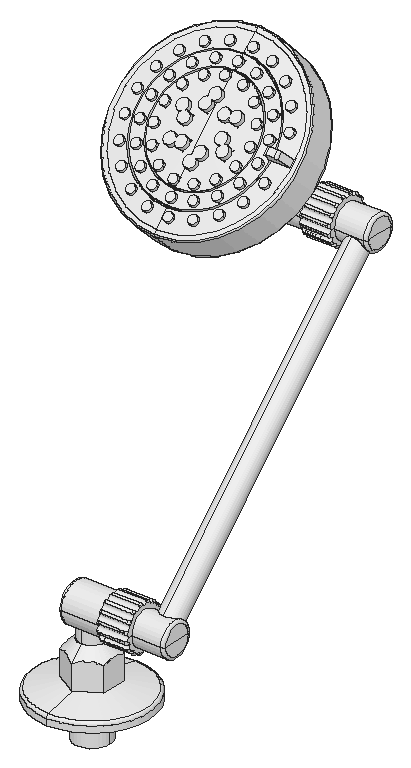
Revit family "Shower-Outlet-Caroma Series A-Adjustable", category Plumbing Fixtures, host Face, Revit 2014
Parameters (values of type "Standard")
  Width_ANZRS = 289 mm  # constant formula
  Waste Connection = no
  WELSRating_ANZRS = "WELS 3 Star rated, 9L/min"  # constant formula
  Vent Connection = no
  URL = "http://specify.caroma.com.au/products/showers/series-a/series-a-adjustable-wall-shower"
  Type Comments = "Caroma Series A Adjustable Wall Shower"  # constant formula
  Pressure Drop = 0.00 psi
  ModifiedIssue_ANZRS = 20150112.01  # constant formula
  Model = "97415C3A"  # constant formula
  Material_ANZRS = Metal-Chrome-Caroma
  Manufacturer = "GWA Bathrooms & Kitchens"  # constant formula
  Length_ANZRS = 105 mm  # constant formula
  Height_ANZRS = 185 mm  # constant formula
  HWFU = 2.37  # constant formula
  HW Connection = yes
  Description = "Three spray options, Patented Stayfast® shower arm lock to prevent drooping"  # constant formula
  Default Elevation = 1800 mm
  CreatedBy_ANZRS = "Design Content"  # constant formula
  CreatedByURL_ANZRS = "http://www.designcontent.com.au"
  Cost = 0
  Connector Radius = 10 mm
  CWFU = 2.37  # constant formula
  CW Connection = yes
  Assembly Code = "D2010710"
Reference planes
  plane 1 "Center (Front/Back)": y = 0
  plane 2: z = 0
  plane 3 "Center (Left/Right)": x = 0
  plane 4 "Head": y = 0
Forms (mm)
  Extrusion 1, solid, material "Metal-Chrome-Caroma" <- "Material_ANZRS"
    sketch origin (50, 0, 0) x (1, 0, 0) y (0, 1, 0)
      loop
        circle (-50, 0) r 10
    from -20 to 0
  Revolve 2, solid, material "Metal-Chrome-Caroma" <- "Material_ANZRS"
    sketch origin (0, -400, 0) x (0, 1, 0) y (0, 0, 1)
      loop
        line (400, 0) -> (431.981, 0) -> (431.981, 3.581)
        arc (431.981, 3.581) -> (431.607, 4.744) -> (430.625, 5.471) r 1.994
        arc (430.625, 5.471) -> (418.959, 8.644) -> (406.998, 10.396) r 100.701
        line (406.998, 10.396) -> (406.998, 46) -> (400, 46) -> (400, 0)
      axis (400, 0) -> (400, 46)
    angle from 0 to 360
  Revolve 3, solid, material "Metal-Chrome-Caroma" <- "Material_ANZRS"
    sketch origin (0, -400, 0) x (0, 1, 0) y (0, 0, 1)
      loop
        line (414.328, 10) -> (414.328, 23.67) -> (407.437, 30.561) -> (400, 30.561) -> (400, 10) -> (414.328, 10)
      axis (400, 10) -> (400, 30.561)
    angle from 0 to 360
  Extrusion 4, void
    sketch origin (0, -400, 0) x (1, 0, 0) y (0, 1, 0)
      loop
        line (0, 414.328) -> (-12.409, 407.164) -> (-12.409, 392.836) -> (0, 385.672) -> (12.409, 392.836) -> (12.409, 407.164) -> (0, 414.328)
      loop
        circle (0, 400) r 17.761
    from 0 to 36.567
  Revolve 5, solid, material "Metal-Chrome-Caroma" <- "Material_ANZRS"
    sketch origin (0, -400, 46) x (1, 0, 0) y (0, 1, 0)
      loop
        line (-9.945, 400) -> (-9.945, 390.428)
        arc (-9.945, 390.428) -> (-9.505, 389.368) -> (-8.445, 388.928) r 1.5
        line (-8.445, 388.928) -> (12.727, 388.928) -> (12.727, 390.554) -> (46.58, 390.554)
        arc (46.58, 390.554) -> (47.64, 390.993) -> (48.08, 392.054) r 1.5
        line (48.08, 392.054) -> (48.08, 400) -> (-9.945, 400)
      axis (-9.945, 400) -> (48.08, 400)
    angle from 0 to 360
  Revolve 6, solid, material "Metal-Chrome-Caroma" <- "Material_ANZRS"
    sketch origin (0, -400, 46) x (1, 0, 0) y (0, 1, 0)
      loop
        line (12.727, 400) -> (29.78, 400) -> (29.78, 412)
        arc (29.78, 412) -> (29.487, 412.707) -> (28.78, 413) r 1
        line (28.78, 413) -> (13.727, 413)
        arc (13.727, 413) -> (13.02, 412.707) -> (12.727, 412) r 1
        line (12.727, 412) -> (12.727, 400)
      axis (12.727, 400) -> (29.78, 400)
    angle from 0 to 360
  Extrusion 7, void
    sketch origin (0, -400, 0) x (0, 1, 0) y (0, 0, 1)
      loop
        circle (400, 59.1) r 1.8
      loop
        circle (400, 32.9) r 1.8
      loop
        circle (386.9, 46) r 1.8
      loop
        circle (413.1, 46) r 1.8
      loop
        circle (394.987, 58.103) r 1.8
      loop
        circle (405.013, 33.897) r 1.8
      loop
        circle (387.897, 40.987) r 1.8
      loop
        circle (412.103, 51.013) r 1.8
      loop
        circle (390.737, 55.263) r 1.8
      loop
        circle (409.263, 36.737) r 1.8
      loop
        circle (390.737, 36.737) r 1.8
      loop
        circle (409.263, 55.263) r 1.8
      loop
        circle (387.897, 51.013) r 1.8
      loop
        circle (412.103, 40.987) r 1.8
      loop
        circle (394.987, 33.897) r 1.8
      loop
        circle (405.013, 58.103) r 1.8
    from 0 to 51.351
  Revolve 8, solid, material "Metal-Chrome-Caroma" <- "Material_ANZRS"
    sketch origin (0, -256.457, 189.543) x (1, 0, 0) y (0, 1, 0)
      loop
        line (-8.373, 400) -> (-8.373, 390.5)
        arc (-8.373, 390.5) -> (-7.934, 389.439) -> (-6.873, 389) r 1.5
        line (-6.873, 389) -> (12.727, 389) -> (12.727, 390.554) -> (46.58, 390.554)
        arc (46.58, 390.554) -> (47.64, 390.993) -> (48.08, 392.054) r 1.5
        line (48.08, 392.054) -> (48.08, 400) -> (-8.373, 400)
      axis (-8.373, 400) -> (48.08, 400)
    angle from 0 to 360
  Revolve 9, solid, material "Metal-Chrome-Caroma" <- "Material_ANZRS"
    sketch origin (0, -256.457, 189.543) x (1, 0, 0) y (0, 1, 0)
      loop
        line (12.727, 400) -> (29.78, 400) -> (29.78, 412)
        arc (29.78, 412) -> (29.487, 412.707) -> (28.78, 413) r 1
        line (28.78, 413) -> (13.727, 413)
        arc (13.727, 413) -> (13.02, 412.707) -> (12.727, 412) r 1
        line (12.727, 412) -> (12.727, 400)
      axis (12.727, 400) -> (29.78, 400)
    angle from 0 to 360
  Extrusion 10, void
    sketch origin (0, -256.457, 143.543) x (0, 1, 0) y (0, 0, 1)
      loop
        circle (400, 59.1) r 1.8
      loop
        circle (400, 32.9) r 1.8
      loop
        circle (386.9, 46) r 1.8
      loop
        circle (413.1, 46) r 1.8
      loop
        circle (394.987, 58.103) r 1.8
      loop
        circle (405.013, 33.897) r 1.8
      loop
        circle (387.897, 40.987) r 1.8
      loop
        circle (412.103, 51.013) r 1.8
      loop
        circle (390.737, 55.263) r 1.8
      loop
        circle (409.263, 36.737) r 1.8
      loop
        circle (390.737, 36.737) r 1.8
      loop
        circle (409.263, 55.263) r 1.8
      loop
        circle (387.897, 51.013) r 1.8
      loop
        circle (412.103, 40.987) r 1.8
      loop
        circle (394.987, 33.897) r 1.8
      loop
        circle (405.013, 58.103) r 1.8
    from 0 to 51.351
  Revolve 11, solid, material "Metal-Chrome-Caroma" <- "Material_ANZRS"
    sketch origin (40, -400, 0) x (0, 1, 0) y (0, 0, 1)
      loop
        line (400, 46) -> (543.543, 189.543) -> (539.053, 194.033) -> (395.51, 50.49) -> (400, 46)
      axis (543.543, 189.543) -> (400, 46)
    angle from 0 to 360
  Revolve 12, solid, material "Metal-Chrome-Caroma" <- "Material_ANZRS"
    sketch origin (0, -400, 0) x (0, 1, 0) y (0, 0, 1)
      loop
        line (543.543, 189.543) -> (548.467, 194.467) -> (536.569, 206.364)
        arc (536.569, 206.364) -> (536.279, 206.867) -> (536.279, 207.449) r 1.123
        line (536.279, 207.449) -> (537.149, 210.698) -> (537.704, 211.252)
        arc (537.704, 211.252) -> (537.851, 211.608) -> (537.704, 211.964) r 0.503
        line (537.704, 211.964) -> (528.654, 221.014)
        arc (528.654, 221.014) -> (528.123, 221.279) -> (527.54, 221.171) r 0.934
        line (527.54, 221.171) -> (525.847, 220.232) -> (524.839, 221.24)
        arc (524.839, 221.24) -> (524.755, 222.588) -> (524.526, 223.919) r 12.582
        line (524.526, 223.919) -> (528.438, 227.83)
        arc (528.438, 227.83) -> (528.915, 228.723) -> (528.818, 229.731) r 1.748
        line (528.818, 229.731) -> (525.944, 236.72)
        arc (525.944, 236.72) -> (523.695, 256.057) -> (531.859, 273.73) r 35.938
        arc (531.859, 273.73) -> (532.089, 274.384) -> (531.819, 275.023) r 0.962
        line (531.819, 275.023) -> (518.707, 288.601)
        arc (518.707, 288.601) -> (518.239, 288.812) -> (517.755, 288.642) r 0.691
        line (517.755, 288.642) -> (515.814, 286.95)
        arc (515.814, 286.95) -> (511.741, 283.528) -> (507.703, 280.066) r 538.752
        line (507.703, 280.066) -> (509.853, 277.916) -> (509.267, 277.331) -> (507.075, 279.522)
        arc (507.075, 279.522) -> (504.12, 276.937) -> (501.183, 274.329) r 538.752
        line (501.183, 274.329) -> (503.724, 271.788) -> (503.139, 271.202) -> (500.565, 273.776)
        arc (500.565, 273.776) -> (489.836, 263.885) -> (479.378, 253.707) r 538.752
        line (479.378, 253.707) -> (543.543, 189.543)
      axis (479.378, 253.707) -> (543.543, 189.543)
    angle from 0 to 360
  Extrusion 13, solid, material "Metal-Chrome-Caroma" <- "Material_ANZRS", detail levels fine
    sketch origin (0, -33.457, 366.543) x (0, 0.707107, -0.707107) y (-1, 0, 0)
      loop
        arc (153.078, -46.351) -> (157.454, -47.176) -> (161.74, -48.387) r 50
        arc (161.74, -48.387) -> (161.262, -42.628) -> (160.83, -36.865) r 719.359
        arc (160.83, -36.865) -> (157.017, -38.027) -> (153.098, -38.758) r 35.811
        arc (153.098, -38.758) -> (152.163, -39.256) -> (151.79, -40.246) r 1.5
        line (151.79, -40.246) -> (151.79, -44.866)
        arc (151.79, -44.866) -> (152.157, -45.849) -> (153.078, -46.351) r 1.5
    from -2 to 1.992
  Extrusion 14, solid, material "Metal-Chrome-Caroma" <- "Material_ANZRS", detail levels fine
    sketch origin (0, -284.94, -115.06) x (0, 0.707107, 0.707107) y (-1, 0, 0)
      loop
        arc (521.732, 14.162) -> (517.203, 9.639) -> (523.008, 12.337) r 3.25
        arc (523.008, 12.337) -> (527.537, 16.861) -> (521.732, 14.162) r 3.25
      loop
        arc (532.316, 4.169) -> (526.133, 5.83) -> (531.373, 2.152) r 3.25
        arc (531.373, 2.152) -> (537.555, 0.492) -> (532.316, 4.169) r 3.25
      loop
        arc (528.954, -9.993) -> (527.3, -3.809) -> (526.735, -10.185) r 3.25
        arc (526.735, -10.185) -> (528.388, -16.369) -> (528.954, -9.993) r 3.25
      loop
        arc (515.007, -14.162) -> (519.536, -9.639) -> (513.732, -12.337) r 3.25
        arc (513.732, -12.337) -> (509.203, -16.861) -> (515.007, -14.162) r 3.25
      loop
        arc (504.424, -4.169) -> (510.606, -5.83) -> (505.367, -2.152) r 3.25
        arc (505.367, -2.152) -> (499.184, -0.492) -> (504.424, -4.169) r 3.25
      loop
        arc (507.786, 9.993) -> (509.439, 3.809) -> (510.005, 10.185) r 3.25
        arc (510.005, 10.185) -> (508.351, 16.369) -> (507.786, 9.993) r 3.25
    from -1.284 to 4.715
  Extrusion 15, solid, material "Metal-Chrome-Caroma" <- "Material_ANZRS", detail levels fine
    sketch origin (0, -284.94, -115.06) x (0, 0.707107, 0.707107) y (-1, 0, 0)
      loop
        circle (540.886, 13.001) r 2.5
      loop
        circle (533.652, 21.035) r 2.5
      loop
        circle (523.775, 25.432) r 2.5
      loop
        circle (512.963, 25.432) r 2.5
      loop
        circle (503.086, 21.034) r 2.5
      loop
        circle (495.852, 12.999) r 2.5
      loop
        circle (492.512, 2.717) r 2.5
      loop
        circle (493.642, -8.035) r 2.5
      loop
        circle (499.048, -17.398) r 2.5
      loop
        circle (507.795, -23.753) r 2.5
      loop
        circle (518.37, -26) r 2.5
      loop
        circle (528.946, -23.752) r 2.5
      loop
        circle (537.692, -17.397) r 2.5
      loop
        circle (543.098, -8.034) r 2.5
      loop
        circle (544.227, 2.719) r 2.5
    from -1.284 to 3.503
  Extrusion 16, solid, material "Metal-Chrome-Caroma" <- "Material_ANZRS", detail levels fine
    sketch origin (0, -284.94, -115.06) x (0, 0.707107, 0.707107) y (-1, 0, 0)
      loop
        circle (552.121, 0.142) r 2.5
      loop
        circle (550.037, 11.676) r 2.5
      loop
        circle (544.133, 21.803) r 2.5
      loop
        circle (535.123, 29.3) r 2.5
      loop
        circle (524.091, 33.263) r 2.5
      loop
        circle (512.369, 33.214) r 2.5
      loop
        circle (501.372, 29.158) r 2.5
      loop
        circle (492.424, 21.586) r 2.5
      loop
        circle (486.606, 11.41) r 2.5
      loop
        circle (484.619, -0.142) r 2.5
      loop
        circle (486.703, -11.676) r 2.5
      loop
        circle (492.606, -21.803) r 2.5
      loop
        circle (501.617, -29.3) r 2.5
      loop
        circle (512.648, -33.263) r 2.5
      loop
        circle (524.37, -33.214) r 2.5
      loop
        circle (535.368, -29.158) r 2.5
      loop
        circle (544.315, -21.586) r 2.5
      loop
        circle (550.134, -11.41) r 2.5
    from -1.284 to 3.134
  Extrusion 17, solid, material "Metal-Chrome-Caroma" <- "Material_ANZRS", detail levels fine
    sketch origin (0, -284.94, -115.06) x (0, 0.707107, 0.707107) y (-1, 0, 0)
      loop
        circle (560.75, -3.204) r 2.5
      loop
        circle (559.812, 9.43) r 2.5
      loop
        circle (555.191, 21.226) r 2.5
      loop
        circle (547.299, 31.137) r 2.5
      loop
        circle (536.836, 38.28) r 2.5
      loop
        circle (524.732, 42.023) r 2.5
      loop
        circle (512.063, 42.031) r 2.5
      loop
        circle (499.954, 38.305) r 2.5
      loop
        circle (489.482, 31.175) r 2.5
      loop
        circle (481.576, 21.275) r 2.5
      loop
        circle (476.94, 9.485) r 2.5
      loop
        circle (475.985, -3.148) r 2.5
      loop
        circle (478.796, -15.501) r 2.5
      loop
        circle (485.123, -26.477) r 2.5
      loop
        circle (494.404, -35.101) r 2.5
      loop
        circle (505.815, -40.605) r 2.5
      loop
        circle (530.87, -40.622) r 2.5
      loop
        circle (542.288, -35.133) r 2.5
      loop
        circle (551.581, -26.522) r 2.5
      loop
        circle (557.923, -15.554) r 2.5
    from -1.284 to 2.31
Cuts and joins
  Extrusion 10 cuts Revolve 2
  Extrusion 4 cuts Revolve 3
  Extrusion 7, Extrusion 10 cuts Revolve 6
  Extrusion 10 cuts Revolve 9
  joined: Revolve 2, Revolve 3, Revolve 5, Revolve 6, Revolve 8, Revolve 9, Revolve 11, Revolve 12
Lines and regions (mm)
  Masking region 1
    outline origin (0, -400, 0) x (1, 0, 0) y (0, 1, 0)
      loop
        spline (29.754, 555.313) -> (29.776, 555.45) -> (29.775, 555.588) -> (29.751, 555.724) -> (29.704, 555.856) -> (29.637, 555.98) -> (29.549, 556.092) -> (29.444, 556.192) -> (29.323, 556.275) -> (29.19, 556.341) -> (29.047, 556.388) -> (28.899, 556.414) -> (28.748, 556.419)
        line (28.748, 556.419) -> (13.754, 556.419)
        spline (13.754, 556.419) -> (13.617, 556.394) -> (13.481, 556.353) -> (13.35, 556.298) -> (13.225, 556.229) -> (13.11, 556.148) -> (13.006, 556.057) -> (12.916, 555.958) -> (12.842, 555.853) -> (12.785, 555.743) -> (12.746, 555.632) -> (12.727, 555.521) -> (12.727, 555.412)
        line (12.727, 555.412) -> (12.727, 554.543) -> (-6.883, 554.543)
        arc (-6.883, 554.543) -> (-7.943, 554.103) -> (-8.383, 553.043) r 1.5
        line (-8.383, 553.043) -> (-8.383, 535.314)
        spline (-8.383, 535.314) -> (-8.752, 535.026) -> (-9.103, 534.727) -> (-9.434, 534.415) -> (-9.745, 534.093) -> (-10.036, 533.761) -> (-10.304, 533.419) -> (-10.551, 533.069) -> (-10.776, 532.711) -> (-10.977, 532.345) -> (-11.154, 531.974) -> (-11.308, 531.596) -> (-11.438, 531.214)
        spline (-11.438, 531.214) -> (-17.116, 530.087) -> (-22.578, 528.521) -> (-27.753, 526.534) -> (-32.578, 524.153) -> (-36.99, 521.407) -> (-40.933, 518.331) -> (-44.358, 514.964) -> (-47.222, 511.35) -> (-49.488, 507.532) -> (-51.127, 503.561) -> (-52.119, 499.486) -> (-52.451, 495.358)
        line (-52.451, 495.358) -> (-52.451, 481.031)
        spline (-52.451, 481.031) -> (-51.518, 474.13) -> (-48.75, 467.475) -> (-44.248, 461.303) -> (-38.171, 455.833) -> (-30.735, 451.259) -> (-22.205, 447.745) -> (-12.885, 445.416) -> (-3.106, 444.355) -> (6.783, 444.599) -> (16.431, 446.14) -> (25.494, 448.923) -> (33.65, 452.848)
        line (33.65, 452.848) -> (33.65, 409.393) -> (30.57, 409.393)
        arc (30.57, 409.393) -> (-31.981, 400) -> (30.57, 390.607) r 31.981
        line (30.57, 390.607) -> (46.578, 390.607)
        arc (46.578, 390.607) -> (47.638, 391.046) -> (48.078, 392.107) r 1.5
        line (48.078, 392.107) -> (48.078, 407.893)
        arc (48.078, 407.893) -> (47.554, 409.032) -> (46.35, 409.376) r 1.5
        line (46.35, 409.376) -> (46.35, 463.833)
        spline (46.35, 463.833) -> (47.308, 465.165) -> (48.188, 466.523) -> (48.989, 467.905) -> (49.709, 469.308) -> (50.348, 470.731) -> (50.903, 472.171) -> (51.374, 473.625) -> (51.761, 475.091) -> (52.063, 476.568) -> (52.278, 478.051) -> (52.408, 479.54) -> (52.451, 481.031)
        line (52.451, 481.031) -> (52.451, 495.358)
        spline (52.451, 495.358) -> (52.408, 496.849) -> (52.278, 498.338) -> (52.063, 499.821) -> (51.761, 501.298) -> (51.374, 502.764) -> (50.903, 504.219) -> (50.348, 505.658) -> (49.709, 507.081) -> (48.989, 508.485) -> (48.188, 509.866) -> (47.308, 511.224) -> (46.35, 512.556)
        line (46.35, 512.556) -> (46.35, 534.167)
        arc (46.35, 534.167) -> (47.554, 534.511) -> (48.078, 535.649) r 1.5
        line (48.078, 535.649) -> (48.078, 551.436)
        arc (48.078, 551.436) -> (47.638, 552.497) -> (46.578, 552.936) r 1.5
        line (46.578, 552.936) -> (29.78, 552.936) -> (29.78, 555.465)
      loop
        line (29.78, 534.149) -> (29.78, 531.673)
        spline (29.78, 531.673) -> (29.78, 531.565) -> (29.761, 531.454) -> (29.722, 531.342) -> (29.665, 531.233) -> (29.591, 531.127) -> (29.501, 531.028) -> (29.397, 530.937) -> (29.282, 530.857) -> (29.157, 530.788) -> (29.026, 530.732) -> (28.89, 530.692) -> (28.753, 530.666)
        line (28.753, 530.666) -> (14.504, 530.666)
        spline (14.504, 530.666) -> (16.244, 530.292) -> (17.964, 529.877) -> (19.663, 529.419) -> (21.338, 528.921) -> (22.987, 528.382) -> (24.608, 527.804) -> (26.2, 527.187) -> (27.761, 526.531) -> (29.288, 525.837) -> (30.779, 525.108) -> (32.234, 524.342) -> (33.65, 523.541)
        line (33.65, 523.541) -> (33.65, 534.149) -> (29.78, 534.149)
      loop
        spline (11.438, 531.214) -> (11.568, 531.194) -> (11.699, 531.173) -> (11.829, 531.152) -> (11.959, 531.131) -> (12.089, 531.11) -> (12.219, 531.088) -> (12.349, 531.066) -> (12.478, 531.044) -> (12.608, 531.021) -> (12.738, 530.999) -> (12.867, 530.976) -> (12.997, 530.953)
        spline (12.997, 530.953) -> (12.953, 530.999) -> (12.913, 531.047) -> (12.876, 531.098) -> (12.843, 531.151) -> (12.814, 531.205) -> (12.789, 531.262) -> (12.768, 531.319) -> (12.752, 531.378) -> (12.74, 531.438) -> (12.732, 531.499) -> (12.729, 531.559) -> (12.73, 531.62)
        line (12.73, 531.62) -> (12.727, 532.538) -> (10.874, 532.538)
        spline (10.874, 532.538) -> (10.932, 532.431) -> (10.988, 532.323) -> (11.043, 532.214) -> (11.095, 532.105) -> (11.145, 531.995) -> (11.193, 531.885) -> (11.239, 531.774) -> (11.283, 531.663) -> (11.325, 531.551) -> (11.365, 531.439) -> (11.402, 531.327) -> (11.438, 531.214)
  symbolic lines, style "Baths/Showers"
    curve 1: line (12.73, 11.072, 0) -> (-8.458, 11.072, 0)
    curve 2: line (12.73, -11.072, 0) -> (-8.458, -11.072, 0)
    curve 3: line (-9.958, -9.572, 0) -> (-9.958, 9.572, 0)
    curve 4: arc (-9.958, 9.572, 0) -> (-9.519, 10.632, 0) -> (-8.458, 11.072, 0) r 1.5
    curve 5: arc (-9.958, -9.572, 0) -> (-9.519, -10.632, 0) -> (-8.458, -11.072, 0) r 1.5
    curve 6: line (-12.409, -7.164, 0) -> (-12.409, 7.164, 0)
    curve 7: line (-12.409, 7.164, 0) -> (-9.958, 8.579, 0)
    curve 8: line (0, 14.328, 0) -> (5.641, 11.072, 0)
    curve 9: line (-12.409, -7.164, 0) -> (-9.958, -8.579, 0)
    curve 10: line (0, -14.328, 0) -> (5.641, -11.072, 0)
    curve 11: line (-5.641, -11.072, 0) -> (0, -14.328, 0)
    curve 12: line (-5.641, 11.072, 0) -> (0, 14.328, 0)
    curve 13: spline (12.746, 11.772, 0) -> (12.726, 11.884, 0) -> (12.73, 12.001, 0) -> (12.756, 12.121, 0) -> (12.804, 12.241, 0) -> (12.873, 12.358, 0) -> (12.961, 12.469, 0) -> (13.067, 12.571, 0) -> (13.187, 12.662, 0) -> (13.32, 12.74, 0) -> (13.46, 12.802, 0) -> (13.606, 12.848, 0) -> (13.754, 12.877, 0)
    curve 14: line (13.754, 12.877, 0) -> (28.748, 12.877, 0)
    curve 15: spline (28.748, 12.877, 0) -> (28.899, 12.871, 0) -> (29.047, 12.845, 0) -> (29.19, 12.798, 0) -> (29.323, 12.732, 0) -> (29.444, 12.649, 0) -> (29.549, 12.55, 0) -> (29.637, 12.437, 0) -> (29.704, 12.313, 0) -> (29.751, 12.182, 0) -> (29.775, 12.045, 0) -> (29.776, 11.907, 0) -> (29.754, 11.771, 0)
    curve 16: spline (29.782, 11.536, 0) -> (29.774, 11.664, 0) -> (29.748, 11.792, 0) -> (29.706, 11.917, 0) -> (29.648, 12.036, 0) -> (29.574, 12.148, 0) -> (29.487, 12.251, 0) -> (29.387, 12.342, 0) -> (29.278, 12.42, 0) -> (29.16, 12.483, 0) -> (29.036, 12.531, 0) -> (28.909, 12.562, 0) -> (28.78, 12.575, 0)
    curve 17: line (28.78, 12.58, 0) -> (13.759, 12.58, 0)
    curve 18: spline (13.759, 12.58, 0) -> (13.622, 12.576, 0) -> (13.486, 12.552, 0) -> (13.355, 12.511, 0) -> (13.232, 12.451, 0) -> (13.117, 12.375, 0) -> (13.014, 12.285, 0) -> (12.925, 12.18, 0) -> (12.851, 12.065, 0) -> (12.793, 11.94, 0) -> (12.754, 11.809, 0) -> (12.732, 11.673, 0) -> (12.73, 11.536, 0)
    curve 19: line (28.747, 11.213, 0) -> (13.737, 11.213, 0)
    curve 20: spline (29.777, 10.494, 0) -> (29.775, 10.589, 0) -> (29.753, 10.682, 0) -> (29.713, 10.772, 0) -> (29.656, 10.858, 0) -> (29.582, 10.938, 0) -> (29.492, 11.009, 0) -> (29.389, 11.072, 0) -> (29.275, 11.124, 0) -> (29.151, 11.165, 0) -> (29.02, 11.194, 0) -> (28.884, 11.21, 0) -> (28.747, 11.213, 0)
    curve 21: spline (13.737, 11.213, 0) -> (13.599, 11.176, 0) -> (13.463, 11.129, 0) -> (13.331, 11.075, 0) -> (13.207, 11.014, 0) -> (13.092, 10.947, 0) -> (12.99, 10.877, 0) -> (12.902, 10.803, 0) -> (12.83, 10.729, 0) -> (12.776, 10.654, 0) -> (12.741, 10.582, 0) -> (12.726, 10.513, 0) -> (12.73, 10.45, 0)
    curve 22: spline (12.73, 9.393, 0) -> (12.732, 9.521, 0) -> (12.754, 9.648, 0) -> (12.793, 9.771, 0) -> (12.851, 9.887, 0) -> (12.925, 9.995, 0) -> (13.014, 10.092, 0) -> (13.117, 10.177, 0) -> (13.231, 10.248, 0) -> (13.355, 10.303, 0) -> (13.486, 10.342, 0) -> (13.621, 10.364, 0) -> (13.758, 10.368, 0)
    curve 23: line (13.758, 10.368, 0) -> (28.78, 10.368, 0)
    curve 24: spline (28.78, 10.363, 0) -> (28.909, 10.364, 0) -> (29.036, 10.347, 0) -> (29.16, 10.312, 0) -> (29.278, 10.26, 0) -> (29.387, 10.191, 0) -> (29.487, 10.108, 0) -> (29.574, 10.011, 0) -> (29.648, 9.902, 0) -> (29.706, 9.784, 0) -> (29.748, 9.658, 0) -> (29.774, 9.527, 0) -> (29.782, 9.393, 0)
    curve 25: line (28.778, 7.842, 0) -> (13.729, 7.842, 0)
    curve 26: spline (28.778, 7.842, 0) -> (28.907, 7.804, 0) -> (29.034, 7.764, 0) -> (29.158, 7.725, 0) -> (29.276, 7.685, 0) -> (29.385, 7.647, 0) -> (29.485, 7.611, 0) -> (29.572, 7.577, 0) -> (29.646, 7.547, 0) -> (29.705, 7.52, 0) -> (29.747, 7.498, 0) -> (29.773, 7.48, 0) -> (29.782, 7.467, 0)
    curve 27: spline (13.729, 7.842, 0) -> (13.592, 7.801, 0) -> (13.456, 7.759, 0) -> (13.325, 7.717, 0) -> (13.202, 7.675, 0) -> (13.088, 7.635, 0) -> (12.987, 7.598, 0) -> (12.9, 7.563, 0) -> (12.829, 7.533, 0) -> (12.775, 7.507, 0) -> (12.741, 7.486, 0) -> (12.726, 7.471, 0) -> (12.73, 7.461, 0)
    curve 28: spline (12.73, 5.82, 0) -> (12.732, 5.92, 0) -> (12.754, 6.018, 0) -> (12.793, 6.114, 0) -> (12.851, 6.204, 0) -> (12.925, 6.288, 0) -> (13.014, 6.364, 0) -> (13.117, 6.43, 0) -> (13.231, 6.485, 0) -> (13.355, 6.528, 0) -> (13.485, 6.558, 0) -> (13.621, 6.575, 0) -> (13.758, 6.578, 0)
    curve 29: line (13.758, 6.578, 0) -> (28.805, 6.578, 0)
    curve 30: spline (28.805, 6.578, 0) -> (28.931, 6.59, 0) -> (29.057, 6.587, 0) -> (29.178, 6.568, 0) -> (29.293, 6.533, 0) -> (29.399, 6.483, 0) -> (29.496, 6.419, 0) -> (29.58, 6.343, 0) -> (29.652, 6.255, 0) -> (29.708, 6.157, 0) -> (29.75, 6.05, 0) -> (29.774, 5.938, 0) -> (29.782, 5.821, 0)
    curve 31: spline (13.722, 3.278, 0) -> (13.594, 3.242, 0) -> (13.467, 3.212, 0) -> (13.343, 3.189, 0) -> (13.226, 3.173, 0) -> (13.117, 3.164, 0) -> (13.018, 3.163, 0) -> (12.932, 3.169, 0) -> (12.859, 3.183, 0) -> (12.8, 3.203, 0) -> (12.758, 3.231, 0) -> (12.733, 3.265, 0) -> (12.725, 3.304, 0)
    curve 32: line (28.835, 3.278, 0) -> (13.722, 3.278, 0)
    curve 33: spline (29.777, 3.305, 0) -> (29.775, 3.301, 0) -> (29.756, 3.298, 0) -> (29.721, 3.294, 0) -> (29.67, 3.291, 0) -> (29.603, 3.288, 0) -> (29.522, 3.285, 0) -> (29.429, 3.283, 0) -> (29.325, 3.281, 0) -> (29.211, 3.28, 0) -> (29.09, 3.278, 0) -> (28.964, 3.278, 0) -> (28.835, 3.278, 0)
    curve 34: line (13.756, 1.786, 0) -> (28.792, 1.786, 0)
    curve 35: spline (12.73, 1.361, 0) -> (12.732, 1.417, 0) -> (12.754, 1.473, 0) -> (12.793, 1.526, 0) -> (12.85, 1.577, 0) -> (12.924, 1.624, 0) -> (13.013, 1.666, 0) -> (13.116, 1.703, 0) -> (13.23, 1.734, 0) -> (13.354, 1.758, 0) -> (13.484, 1.775, 0) -> (13.619, 1.784, 0) -> (13.756, 1.786, 0)
    curve 36: spline (28.792, 1.786, 0) -> (28.92, 1.813, 0) -> (29.046, 1.828, 0) -> (29.169, 1.83, 0) -> (29.285, 1.82, 0) -> (29.393, 1.798, 0) -> (29.491, 1.764, 0) -> (29.577, 1.719, 0) -> (29.65, 1.664, 0) -> (29.707, 1.599, 0) -> (29.749, 1.527, 0) -> (29.774, 1.447, 0) -> (29.782, 1.362, 0)
    curve 37: spline (13.715, -1.786, 0) -> (13.579, -1.814, 0) -> (13.445, -1.829, 0) -> (13.316, -1.829, 0) -> (13.194, -1.816, 0) -> (13.082, -1.789, 0) -> (12.982, -1.749, 0) -> (12.897, -1.696, 0) -> (12.827, -1.633, 0) -> (12.774, -1.56, 0) -> (12.74, -1.478, 0) -> (12.725, -1.389, 0) -> (12.73, -1.296, 0)
    curve 38: line (28.751, -1.786, 0) -> (13.715, -1.786, 0)
    curve 39: spline (29.777, -1.361, 0) -> (29.775, -1.417, 0) -> (29.753, -1.473, 0) -> (29.714, -1.526, 0) -> (29.657, -1.577, 0) -> (29.583, -1.624, 0) -> (29.493, -1.666, 0) -> (29.391, -1.703, 0) -> (29.277, -1.734, 0) -> (29.153, -1.758, 0) -> (29.023, -1.775, 0) -> (28.888, -1.784, 0) -> (28.751, -1.786, 0)
    curve 40: spline (12.73, -3.305, 0) -> (12.732, -3.301, 0) -> (12.75, -3.298, 0) -> (12.786, -3.294, 0) -> (12.837, -3.291, 0) -> (12.904, -3.288, 0) -> (12.984, -3.285, 0) -> (13.077, -3.283, 0) -> (13.181, -3.281, 0) -> (13.295, -3.28, 0) -> (13.416, -3.278, 0) -> (13.542, -3.278, 0) -> (13.671, -3.278, 0)
    curve 41: line (13.671, -3.278, 0) -> (28.785, -3.278, 0)
    curve 42: spline (28.785, -3.278, 0) -> (28.913, -3.242, 0) -> (29.04, -3.212, 0) -> (29.164, -3.189, 0) -> (29.281, -3.173, 0) -> (29.39, -3.164, 0) -> (29.488, -3.163, 0) -> (29.575, -3.169, 0) -> (29.648, -3.183, 0) -> (29.706, -3.203, 0) -> (29.749, -3.231, 0) -> (29.774, -3.265, 0) -> (29.782, -3.304, 0)
    curve 43: spline (13.702, -6.578, 0) -> (13.568, -6.591, 0) -> (13.435, -6.585, 0) -> (13.307, -6.562, 0) -> (13.187, -6.522, 0) -> (13.076, -6.465, 0) -> (12.978, -6.392, 0) -> (12.894, -6.305, 0) -> (12.825, -6.206, 0) -> (12.773, -6.097, 0) -> (12.74, -5.98, 0) -> (12.725, -5.857, 0) -> (12.73, -5.731, 0)
    curve 44: line (28.749, -6.578, 0) -> (13.702, -6.578, 0)
    curve 45: spline (29.777, -5.82, 0) -> (29.775, -5.92, 0) -> (29.753, -6.018, 0) -> (29.714, -6.114, 0) -> (29.656, -6.204, 0) -> (29.582, -6.288, 0) -> (29.493, -6.364, 0) -> (29.39, -6.43, 0) -> (29.276, -6.485, 0) -> (29.152, -6.528, 0) -> (29.022, -6.558, 0) -> (28.886, -6.575, 0) -> (28.749, -6.578, 0)
    curve 46: spline (13.729, -7.842, 0) -> (13.592, -7.801, 0) -> (13.456, -7.759, 0) -> (13.325, -7.717, 0) -> (13.202, -7.675, 0) -> (13.088, -7.635, 0) -> (12.987, -7.598, 0) -> (12.9, -7.563, 0) -> (12.829, -7.533, 0) -> (12.775, -7.507, 0) -> (12.741, -7.486, 0) -> (12.726, -7.471, 0) -> (12.73, -7.461, 0)
    curve 47: line (13.729, -7.842, 0) -> (28.778, -7.842, 0)
    curve 48: spline (28.778, -7.842, 0) -> (28.907, -7.804, 0) -> (29.035, -7.764, 0) -> (29.159, -7.724, 0) -> (29.277, -7.685, 0) -> (29.387, -7.647, 0) -> (29.486, -7.611, 0) -> (29.574, -7.577, 0) -> (29.647, -7.546, 0) -> (29.706, -7.52, 0) -> (29.748, -7.497, 0) -> (29.774, -7.48, 0) -> (29.782, -7.467, 0)
    curve 49: spline (13.727, -10.363, 0) -> (13.59, -10.364, 0) -> (13.455, -10.344, 0) -> (13.324, -10.304, 0) -> (13.201, -10.245, 0) -> (13.088, -10.167, 0) -> (12.986, -10.073, 0) -> (12.899, -9.965, 0) -> (12.829, -9.845, 0) -> (12.775, -9.715, 0) -> (12.741, -9.578, 0) -> (12.726, -9.436, 0) -> (12.73, -9.294, 0)
    curve 50: line (28.749, -10.368, 0) -> (13.727, -10.368, 0)
    curve 51: spline (29.777, -9.393, 0) -> (29.775, -9.521, 0) -> (29.753, -9.648, 0) -> (29.714, -9.771, 0) -> (29.656, -9.887, 0) -> (29.582, -9.995, 0) -> (29.493, -10.092, 0) -> (29.39, -10.177, 0) -> (29.276, -10.248, 0) -> (29.152, -10.303, 0) -> (29.021, -10.342, 0) -> (28.886, -10.364, 0) -> (28.749, -10.368, 0)
    curve 52: line (13.76, -11.213, 0) -> (28.77, -11.213, 0)
    curve 53: spline (12.73, -10.494, 0) -> (12.732, -10.589, 0) -> (12.754, -10.682, 0) -> (12.794, -10.772, 0) -> (12.851, -10.858, 0) -> (12.925, -10.938, 0) -> (13.015, -11.009, 0) -> (13.118, -11.072, 0) -> (13.232, -11.124, 0) -> (13.356, -11.165, 0) -> (13.487, -11.194, 0) -> (13.623, -11.21, 0) -> (13.76, -11.213, 0)
    curve 54: spline (28.77, -11.213, 0) -> (28.9, -11.178, 0) -> (29.029, -11.135, 0) -> (29.154, -11.085, 0) -> (29.272, -11.029, 0) -> (29.383, -10.967, 0) -> (29.483, -10.902, 0) -> (29.571, -10.833, 0) -> (29.646, -10.763, 0) -> (29.705, -10.693, 0) -> (29.748, -10.624, 0) -> (29.774, -10.557, 0) -> (29.782, -10.493, 0)
    curve 55: line (28.748, -12.58, 0) -> (13.727, -12.58, 0)
    curve 56: spline (13.727, -12.575, 0) -> (13.59, -12.56, 0) -> (13.455, -12.526, 0) -> (13.324, -12.472, 0) -> (13.201, -12.402, 0) -> (13.088, -12.315, 0) -> (12.986, -12.214, 0) -> (12.899, -12.101, 0) -> (12.829, -11.978, 0) -> (12.775, -11.848, 0) -> (12.741, -11.713, 0) -> (12.726, -11.577, 0) -> (12.73, -11.441, 0)
    curve 57: spline (29.777, -11.536, 0) -> (29.775, -11.673, 0) -> (29.753, -11.809, 0) -> (29.714, -11.94, 0) -> (29.656, -12.065, 0) -> (29.582, -12.18, 0) -> (29.493, -12.285, 0) -> (29.39, -12.375, 0) -> (29.275, -12.451, 0) -> (29.151, -12.511, 0) -> (29.021, -12.552, 0) -> (28.885, -12.576, 0) -> (28.748, -12.58, 0)
    curve 58: spline (28.753, -12.877, 0) -> (28.884, -12.853, 0) -> (29.014, -12.814, 0) -> (29.14, -12.763, 0) -> (29.261, -12.699, 0) -> (29.373, -12.624, 0) -> (29.476, -12.539, 0) -> (29.565, -12.446, 0) -> (29.641, -12.347, 0) -> (29.702, -12.243, 0) -> (29.746, -12.137, 0) -> (29.773, -12.03, 0) -> (29.782, -11.925, 0)
    curve 59: line (13.759, -12.877, 0) -> (28.753, -12.877, 0)
    curve 60: spline (12.73, -11.923, 0) -> (12.732, -12.048, 0) -> (12.754, -12.172, 0) -> (12.793, -12.292, 0) -> (12.851, -12.406, 0) -> (12.925, -12.511, 0) -> (13.015, -12.607, 0) -> (13.117, -12.69, 0) -> (13.232, -12.759, 0) -> (13.356, -12.813, 0) -> (13.487, -12.851, 0) -> (13.622, -12.873, 0) -> (13.759, -12.877, 0)
    curve 61: line (12.73, 11.847, 0) -> (12.73, -11.923, 0)
    curve 62: line (29.782, -11.925, 0) -> (29.782, 12.046, 0)
    curve 63: line (29.782, 9.393, 0) -> (33.65, 9.393, 0)
    curve 64: line (29.777, -9.393, 0) -> (46.676, -9.393, 0)
    curve 65: line (33.65, 6.578, 0) -> (33.65, 52.848, 0)
    curve 66: line (46.35, 6.578, 0) -> (46.35, 63.833, 0)
    curve 67: spline (33.65, 6.578, 0) -> (33.866, 4.993, 0) -> (34.501, 3.516, 0) -> (35.51, 2.248, 0) -> (36.825, 1.275, 0) -> (38.356, 0.664, 0) -> (40, 0.455, 0) -> (41.644, 0.664, 0) -> (43.175, 1.275, 0) -> (44.49, 2.248, 0) -> (45.499, 3.516, 0) -> (46.134, 4.993, 0) -> (46.35, 6.578, 0)
    curve 68: spline (12.73, 155.39, 0) -> (12.726, 155.499, 0) -> (12.742, 155.612, 0) -> (12.777, 155.726, 0) -> (12.833, 155.838, 0) -> (12.906, 155.946, 0) -> (12.996, 156.047, 0) -> (13.1, 156.141, 0) -> (13.217, 156.224, 0) -> (13.343, 156.294, 0) -> (13.477, 156.351, 0) -> (13.614, 156.393, 0) -> (13.754, 156.419, 0)
    curve 69: line (13.754, 156.419, 0) -> (28.748, 156.419, 0)
    curve 70: spline (28.748, 156.419, 0) -> (28.899, 156.414, 0) -> (29.047, 156.388, 0) -> (29.19, 156.341, 0) -> (29.323, 156.275, 0) -> (29.444, 156.192, 0) -> (29.549, 156.092, 0) -> (29.637, 155.98, 0) -> (29.704, 155.856, 0) -> (29.751, 155.724, 0) -> (29.775, 155.588, 0) -> (29.776, 155.45, 0) -> (29.754, 155.313, 0)
    curve 71: spline (29.782, 155.078, 0) -> (29.774, 155.207, 0) -> (29.748, 155.335, 0) -> (29.706, 155.46, 0) -> (29.648, 155.579, 0) -> (29.574, 155.691, 0) -> (29.487, 155.794, 0) -> (29.387, 155.885, 0) -> (29.278, 155.962, 0) -> (29.16, 156.026, 0) -> (29.036, 156.073, 0) -> (28.909, 156.104, 0) -> (28.78, 156.118, 0)
    curve 72: line (28.78, 156.123, 0) -> (13.759, 156.123, 0)
    curve 73: spline (13.759, 156.123, 0) -> (13.622, 156.118, 0) -> (13.486, 156.095, 0) -> (13.355, 156.053, 0) -> (13.232, 155.994, 0) -> (13.117, 155.918, 0) -> (13.014, 155.827, 0) -> (12.925, 155.723, 0) -> (12.851, 155.608, 0) -> (12.793, 155.483, 0) -> (12.754, 155.352, 0) -> (12.732, 155.216, 0) -> (12.73, 155.079, 0)
    curve 74: line (28.747, 154.756, 0) -> (13.737, 154.756, 0)
    curve 75: spline (29.777, 154.037, 0) -> (29.775, 154.131, 0) -> (29.753, 154.225, 0) -> (29.713, 154.315, 0) -> (29.656, 154.401, 0) -> (29.582, 154.48, 0) -> (29.492, 154.552, 0) -> (29.389, 154.615, 0) -> (29.275, 154.667, 0) -> (29.151, 154.708, 0) -> (29.02, 154.737, 0) -> (28.884, 154.753, 0) -> (28.747, 154.756, 0)
    curve 76: spline (13.737, 154.756, 0) -> (13.599, 154.718, 0) -> (13.463, 154.672, 0) -> (13.331, 154.618, 0) -> (13.207, 154.557, 0) -> (13.092, 154.49, 0) -> (12.99, 154.419, 0) -> (12.902, 154.346, 0) -> (12.83, 154.271, 0) -> (12.776, 154.197, 0) -> (12.741, 154.125, 0) -> (12.726, 154.056, 0) -> (12.73, 153.992, 0)
    curve 77: spline (12.73, 152.936, 0) -> (12.732, 153.064, 0) -> (12.754, 153.191, 0) -> (12.793, 153.313, 0) -> (12.851, 153.43, 0) -> (12.925, 153.538, 0) -> (13.014, 153.635, 0) -> (13.117, 153.72, 0) -> (13.231, 153.791, 0) -> (13.355, 153.846, 0) -> (13.486, 153.885, 0) -> (13.621, 153.907, 0) -> (13.758, 153.911, 0)
    curve 78: line (13.758, 153.911, 0) -> (28.78, 153.911, 0)
    curve 79: spline (28.78, 153.906, 0) -> (28.909, 153.907, 0) -> (29.036, 153.89, 0) -> (29.16, 153.855, 0) -> (29.278, 153.803, 0) -> (29.387, 153.734, 0) -> (29.487, 153.651, 0) -> (29.574, 153.554, 0) -> (29.648, 153.445, 0) -> (29.706, 153.327, 0) -> (29.748, 153.201, 0) -> (29.774, 153.07, 0) -> (29.782, 152.936, 0)
    curve 80: line (28.778, 151.385, 0) -> (13.729, 151.385, 0)
    curve 81: spline (28.778, 151.385, 0) -> (28.907, 151.346, 0) -> (29.034, 151.307, 0) -> (29.158, 151.267, 0) -> (29.276, 151.228, 0) -> (29.385, 151.19, 0) -> (29.485, 151.154, 0) -> (29.572, 151.12, 0) -> (29.646, 151.09, 0) -> (29.705, 151.063, 0) -> (29.747, 151.041, 0) -> (29.773, 151.023, 0) -> (29.782, 151.01, 0)
    curve 82: spline (13.729, 151.385, 0) -> (13.592, 151.344, 0) -> (13.456, 151.302, 0) -> (13.325, 151.26, 0) -> (13.202, 151.218, 0) -> (13.088, 151.178, 0) -> (12.987, 151.14, 0) -> (12.9, 151.106, 0) -> (12.829, 151.075, 0) -> (12.775, 151.05, 0) -> (12.741, 151.029, 0) -> (12.726, 151.013, 0) -> (12.73, 151.004, 0)
    curve 83: spline (12.73, 149.363, 0) -> (12.732, 149.463, 0) -> (12.754, 149.561, 0) -> (12.793, 149.656, 0) -> (12.851, 149.747, 0) -> (12.925, 149.831, 0) -> (13.014, 149.906, 0) -> (13.117, 149.972, 0) -> (13.231, 150.027, 0) -> (13.355, 150.07, 0) -> (13.485, 150.1, 0) -> (13.621, 150.117, 0) -> (13.758, 150.121, 0)
    curve 84: line (13.758, 150.121, 0) -> (28.805, 150.121, 0)
    curve 85: spline (28.805, 150.121, 0) -> (28.931, 150.133, 0) -> (29.057, 150.13, 0) -> (29.178, 150.11, 0) -> (29.293, 150.076, 0) -> (29.399, 150.026, 0) -> (29.496, 149.962, 0) -> (29.58, 149.885, 0) -> (29.652, 149.797, 0) -> (29.708, 149.699, 0) -> (29.75, 149.593, 0) -> (29.774, 149.48, 0) -> (29.782, 149.363, 0)
    curve 86: spline (13.722, 146.82, 0) -> (13.594, 146.785, 0) -> (13.467, 146.755, 0) -> (13.343, 146.732, 0) -> (13.226, 146.716, 0) -> (13.117, 146.707, 0) -> (13.018, 146.706, 0) -> (12.932, 146.712, 0) -> (12.859, 146.725, 0) -> (12.8, 146.746, 0) -> (12.758, 146.774, 0) -> (12.733, 146.807, 0) -> (12.725, 146.847, 0)
    curve 87: line (28.835, 146.82, 0) -> (13.722, 146.82, 0)
    curve 88: spline (29.777, 146.847, 0) -> (29.775, 146.844, 0) -> (29.756, 146.84, 0) -> (29.721, 146.837, 0) -> (29.67, 146.834, 0) -> (29.603, 146.831, 0) -> (29.522, 146.828, 0) -> (29.429, 146.826, 0) -> (29.325, 146.824, 0) -> (29.211, 146.822, 0) -> (29.09, 146.821, 0) -> (28.964, 146.82, 0) -> (28.835, 146.82, 0)
    curve 89: line (13.756, 145.329, 0) -> (28.792, 145.329, 0)
    curve 90: spline (12.73, 144.904, 0) -> (12.732, 144.96, 0) -> (12.754, 145.015, 0) -> (12.793, 145.069, 0) -> (12.85, 145.119, 0) -> (12.924, 145.166, 0) -> (13.013, 145.209, 0) -> (13.116, 145.246, 0) -> (13.23, 145.277, 0) -> (13.354, 145.301, 0) -> (13.484, 145.318, 0) -> (13.619, 145.327, 0) -> (13.756, 145.329, 0)
    curve 91: spline (28.792, 145.329, 0) -> (28.92, 145.356, 0) -> (29.046, 145.37, 0) -> (29.169, 145.373, 0) -> (29.285, 145.363, 0) -> (29.393, 145.341, 0) -> (29.491, 145.307, 0) -> (29.577, 145.262, 0) -> (29.65, 145.207, 0) -> (29.707, 145.142, 0) -> (29.749, 145.069, 0) -> (29.774, 144.99, 0) -> (29.782, 144.905, 0)
    curve 92: spline (13.715, 141.757, 0) -> (13.579, 141.729, 0) -> (13.445, 141.714, 0) -> (13.316, 141.714, 0) -> (13.194, 141.727, 0) -> (13.082, 141.754, 0) -> (12.982, 141.794, 0) -> (12.897, 141.846, 0) -> (12.827, 141.91, 0) -> (12.774, 141.983, 0) -> (12.74, 142.065, 0) -> (12.725, 142.153, 0) -> (12.73, 142.247, 0)
    curve 93: line (28.751, 141.757, 0) -> (13.715, 141.757, 0)
    curve 94: spline (29.777, 142.181, 0) -> (29.775, 142.125, 0) -> (29.753, 142.07, 0) -> (29.714, 142.017, 0) -> (29.657, 141.966, 0) -> (29.583, 141.919, 0) -> (29.493, 141.877, 0) -> (29.391, 141.84, 0) -> (29.277, 141.809, 0) -> (29.153, 141.785, 0) -> (29.023, 141.768, 0) -> (28.888, 141.758, 0) -> (28.751, 141.757, 0)
    curve 95: spline (12.73, 140.238, 0) -> (12.732, 140.241, 0) -> (12.75, 140.245, 0) -> (12.786, 140.248, 0) -> (12.837, 140.252, 0) -> (12.904, 140.255, 0) -> (12.984, 140.257, 0) -> (13.077, 140.26, 0) -> (13.181, 140.262, 0) -> (13.295, 140.263, 0) -> (13.416, 140.264, 0) -> (13.542, 140.265, 0) -> (13.671, 140.265, 0)
    curve 96: line (13.671, 140.265, 0) -> (28.785, 140.265, 0)
    curve 97: spline (28.785, 140.265, 0) -> (28.913, 140.301, 0) -> (29.04, 140.331, 0) -> (29.164, 140.354, 0) -> (29.281, 140.37, 0) -> (29.39, 140.378, 0) -> (29.488, 140.38, 0) -> (29.575, 140.374, 0) -> (29.648, 140.36, 0) -> (29.706, 140.339, 0) -> (29.749, 140.312, 0) -> (29.774, 140.278, 0) -> (29.782, 140.239, 0)
    curve 98: spline (13.702, 136.965, 0) -> (13.568, 136.952, 0) -> (13.435, 136.957, 0) -> (13.307, 136.98, 0) -> (13.187, 137.021, 0) -> (13.076, 137.078, 0) -> (12.978, 137.151, 0) -> (12.894, 137.237, 0) -> (12.825, 137.336, 0) -> (12.773, 137.445, 0) -> (12.74, 137.563, 0) -> (12.725, 137.685, 0) -> (12.73, 137.812, 0)
    curve 99: line (28.749, 136.965, 0) -> (13.702, 136.965, 0)
    curve 100: spline (29.777, 137.722, 0) -> (29.775, 137.623, 0) -> (29.753, 137.524, 0) -> (29.714, 137.429, 0) -> (29.656, 137.338, 0) -> (29.582, 137.255, 0) -> (29.493, 137.179, 0) -> (29.39, 137.113, 0) -> (29.276, 137.058, 0) -> (29.152, 137.015, 0) -> (29.022, 136.985, 0) -> (28.886, 136.968, 0) -> (28.749, 136.965, 0)
    curve 101: spline (13.729, 135.7, 0) -> (13.592, 135.741, 0) -> (13.456, 135.784, 0) -> (13.325, 135.826, 0) -> (13.202, 135.867, 0) -> (13.088, 135.907, 0) -> (12.987, 135.945, 0) -> (12.9, 135.979, 0) -> (12.829, 136.01, 0) -> (12.775, 136.036, 0) -> (12.741, 136.057, 0) -> (12.726, 136.072, 0) -> (12.73, 136.082, 0)
    curve 102: line (13.729, 135.7, 0) -> (28.778, 135.7, 0)
    curve 103: spline (28.778, 135.7, 0) -> (28.907, 135.739, 0) -> (29.035, 135.779, 0) -> (29.159, 135.818, 0) -> (29.277, 135.858, 0) -> (29.387, 135.896, 0) -> (29.486, 135.932, 0) -> (29.574, 135.966, 0) -> (29.647, 135.996, 0) -> (29.706, 136.023, 0) -> (29.748, 136.045, 0) -> (29.774, 136.063, 0) -> (29.782, 136.076, 0)
    curve 104: spline (13.727, 133.179, 0) -> (13.59, 133.179, 0) -> (13.455, 133.199, 0) -> (13.324, 133.239, 0) -> (13.201, 133.298, 0) -> (13.088, 133.375, 0) -> (12.986, 133.469, 0) -> (12.899, 133.577, 0) -> (12.829, 133.698, 0) -> (12.775, 133.828, 0) -> (12.741, 133.965, 0) -> (12.726, 134.106, 0) -> (12.73, 134.249, 0)
    curve 105: line (28.749, 133.175, 0) -> (13.727, 133.175, 0)
    curve 106: spline (29.777, 134.149, 0) -> (29.775, 134.021, 0) -> (29.753, 133.895, 0) -> (29.714, 133.772, 0) -> (29.656, 133.655, 0) -> (29.582, 133.548, 0) -> (29.493, 133.45, 0) -> (29.39, 133.365, 0) -> (29.276, 133.295, 0) -> (29.152, 133.239, 0) -> (29.021, 133.2, 0) -> (28.886, 133.179, 0) -> (28.749, 133.175, 0)
    curve 107: line (13.76, 132.33, 0) -> (28.77, 132.33, 0)
    curve 108: spline (12.73, 133.049, 0) -> (12.732, 132.954, 0) -> (12.754, 132.861, 0) -> (12.794, 132.77, 0) -> (12.851, 132.685, 0) -> (12.925, 132.605, 0) -> (13.015, 132.533, 0) -> (13.118, 132.471, 0) -> (13.232, 132.418, 0) -> (13.356, 132.378, 0) -> (13.487, 132.349, 0) -> (13.623, 132.333, 0) -> (13.76, 132.33, 0)
    curve 109: spline (28.77, 132.33, 0) -> (28.9, 132.365, 0) -> (29.029, 132.407, 0) -> (29.154, 132.458, 0) -> (29.272, 132.514, 0) -> (29.383, 132.575, 0) -> (29.483, 132.641, 0) -> (29.571, 132.71, 0) -> (29.646, 132.78, 0) -> (29.705, 132.85, 0) -> (29.748, 132.919, 0) -> (29.774, 132.986, 0) -> (29.782, 133.049, 0)
    curve 110: line (28.748, 130.963, 0) -> (13.727, 130.963, 0)
    curve 111: spline (13.727, 130.967, 0) -> (13.59, 130.983, 0) -> (13.455, 131.017, 0) -> (13.324, 131.07, 0) -> (13.201, 131.141, 0) -> (13.088, 131.228, 0) -> (12.986, 131.329, 0) -> (12.899, 131.442, 0) -> (12.829, 131.565, 0) -> (12.775, 131.695, 0) -> (12.741, 131.829, 0) -> (12.726, 131.966, 0) -> (12.73, 132.101, 0)
    curve 112: spline (29.777, 132.007, 0) -> (29.775, 131.869, 0) -> (29.753, 131.734, 0) -> (29.714, 131.602, 0) -> (29.656, 131.478, 0) -> (29.582, 131.362, 0) -> (29.493, 131.258, 0) -> (29.39, 131.167, 0) -> (29.275, 131.091, 0) -> (29.151, 131.032, 0) -> (29.021, 130.99, 0) -> (28.885, 130.967, 0) -> (28.748, 130.963, 0)
    curve 113: spline (28.753, 130.666, 0) -> (28.884, 130.69, 0) -> (29.014, 130.728, 0) -> (29.14, 130.78, 0) -> (29.261, 130.844, 0) -> (29.373, 130.919, 0) -> (29.476, 131.003, 0) -> (29.565, 131.096, 0) -> (29.641, 131.196, 0) -> (29.702, 131.299, 0) -> (29.746, 131.405, 0) -> (29.773, 131.512, 0) -> (29.782, 131.617, 0)
    curve 114: line (13.759, 130.666, 0) -> (28.753, 130.666, 0)
    curve 115: spline (12.73, 131.62, 0) -> (12.732, 131.495, 0) -> (12.754, 131.371, 0) -> (12.793, 131.251, 0) -> (12.851, 131.137, 0) -> (12.925, 131.031, 0) -> (13.015, 130.936, 0) -> (13.117, 130.853, 0) -> (13.232, 130.784, 0) -> (13.356, 130.729, 0) -> (13.487, 130.691, 0) -> (13.622, 130.67, 0) -> (13.759, 130.666, 0)
    curve 116: line (12.73, 155.39, 0) -> (12.73, 131.62, 0)
    curve 117: line (29.782, 131.617, 0) -> (29.782, 155.589, 0)
    curve 118: line (29.782, 134.104, 0) -> (46.629, 134.104, 0)
    curve 119: line (33.65, 124.104, 0) -> (33.65, 134.104, 0)
    curve 120: line (46.35, 111.908, 0) -> (46.35, 134.104, 0)
    curve 121: line (36.865, 78.853, 0) -> (36.865, 81.675, 0)
    curve 122: spline (36.865, 81.675, 0) -> (37.088, 81.232, 0) -> (37.3, 80.787, 0) -> (37.499, 80.338, 0) -> (37.687, 79.887, 0) -> (37.863, 79.434, 0) -> (38.027, 78.978, 0) -> (38.179, 78.521, 0) -> (38.319, 78.061, 0) -> (38.447, 77.6, 0) -> (38.563, 77.137, 0) -> (38.667, 76.673, 0) -> (38.758, 76.207, 0)
    curve 123: spline (38.758, 73.385, 0) -> (38.667, 73.85, 0) -> (38.563, 74.315, 0) -> (38.447, 74.778, 0) -> (38.319, 75.239, 0) -> (38.179, 75.698, 0) -> (38.027, 76.156, 0) -> (37.863, 76.612, 0) -> (37.687, 77.065, 0) -> (37.499, 77.516, 0) -> (37.3, 77.964, 0) -> (37.088, 78.41, 0) -> (36.865, 78.853, 0)
    curve 124: spline (38.758, 76.207, 0) -> (38.792, 76.082, 0) -> (38.847, 75.961, 0) -> (38.922, 75.845, 0) -> (39.016, 75.736, 0) -> (39.128, 75.636, 0) -> (39.256, 75.547, 0) -> (39.398, 75.468, 0) -> (39.552, 75.403, 0) -> (39.717, 75.351, 0) -> (39.889, 75.313, 0) -> (40.066, 75.29, 0) -> (40.246, 75.283, 0)
    curve 125: line (40.246, 75.283, 0) -> (44.866, 75.283, 0)
    curve 126: spline (44.866, 75.283, 0) -> (45.044, 75.29, 0) -> (45.22, 75.313, 0) -> (45.391, 75.35, 0) -> (45.554, 75.401, 0) -> (45.707, 75.465, 0) -> (45.849, 75.542, 0) -> (45.976, 75.63, 0) -> (46.088, 75.729, 0) -> (46.183, 75.836, 0) -> (46.259, 75.95, 0) -> (46.315, 76.07, 0) -> (46.351, 76.194, 0)
    curve 127: spline (46.351, 76.194, 0) -> (46.461, 76.713, 0) -> (46.583, 77.231, 0) -> (46.715, 77.747, 0) -> (46.858, 78.262, 0) -> (47.011, 78.776, 0) -> (47.176, 79.288, 0) -> (47.351, 79.798, 0) -> (47.537, 80.307, 0) -> (47.734, 80.813, 0) -> (47.941, 81.317, 0) -> (48.159, 81.819, 0) -> (48.387, 82.318, 0)
    curve 128: spline (48.387, 82.318, 0) -> (47.427, 82.26, 0) -> (46.468, 82.202, 0) -> (45.508, 82.145, 0) -> (44.548, 82.089, 0) -> (43.588, 82.034, 0) -> (42.628, 81.98, 0) -> (41.668, 81.927, 0) -> (40.707, 81.875, 0) -> (39.747, 81.824, 0) -> (38.787, 81.773, 0) -> (37.826, 81.724, 0) -> (36.865, 81.675, 0)
    curve 129: line (48.387, 82.318, 0) -> (48.387, 79.496, 0)
    curve 130: spline (48.387, 79.496, 0) -> (48.159, 78.996, 0) -> (47.941, 78.495, 0) -> (47.734, 77.99, 0) -> (47.537, 77.484, 0) -> (47.351, 76.976, 0) -> (47.176, 76.466, 0) -> (47.011, 75.954, 0) -> (46.858, 75.44, 0) -> (46.715, 74.925, 0) -> (46.583, 74.408, 0) -> (46.461, 73.89, 0) -> (46.351, 73.371, 0)
    curve 131: spline (46.351, 73.371, 0) -> (46.315, 73.247, 0) -> (46.259, 73.128, 0) -> (46.183, 73.013, 0) -> (46.088, 72.906, 0) -> (45.976, 72.808, 0) -> (45.849, 72.72, 0) -> (45.707, 72.643, 0) -> (45.554, 72.578, 0) -> (45.391, 72.527, 0) -> (45.22, 72.49, 0) -> (45.044, 72.468, 0) -> (44.866, 72.46, 0)
    curve 132: line (44.866, 72.46, 0) -> (40.246, 72.46, 0)
    curve 133: spline (40.246, 72.46, 0) -> (40.066, 72.468, 0) -> (39.889, 72.491, 0) -> (39.717, 72.528, 0) -> (39.552, 72.58, 0) -> (39.398, 72.646, 0) -> (39.256, 72.724, 0) -> (39.128, 72.814, 0) -> (39.016, 72.914, 0) -> (38.922, 73.022, 0) -> (38.847, 73.138, 0) -> (38.792, 73.26, 0) -> (38.758, 73.385, 0)
    curve 134: spline (29.172, 79.937, 0) -> (28.178, 74.598, 0) -> (25.264, 69.623, 0) -> (20.628, 65.351, 0) -> (14.586, 62.073, 0) -> (7.55, 60.012, 0) -> (0, 59.31, 0) -> (-7.55, 60.012, 0) -> (-14.586, 62.073, 0) -> (-20.628, 65.351, 0) -> (-25.264, 69.623, 0) -> (-28.178, 74.598, 0) -> (-29.172, 79.937, 0) -> (-28.178, 85.276, 0) -> (-25.264, 90.251, 0) -> (-20.628, 94.523, 0) -> (-14.586, 97.801, 0) -> (-7.55, 99.862, 0) -> (0, 100.565, 0) -> (7.55, 99.862, 0) -> (14.586, 97.801, 0) -> (20.628, 94.523, 0) -> (25.264, 90.251, 0) -> (28.178, 85.276, 0) -> (29.172, 79.937, 0)
    curve 135: spline (30, 79.969, 0) -> (28.978, 74.479, 0) -> (25.981, 69.363, 0) -> (21.213, 64.969, 0) -> (15, 61.598, 0) -> (7.765, 59.479, 0) -> (0, 58.756, 0) -> (-7.765, 59.479, 0) -> (-15, 61.598, 0) -> (-21.213, 64.969, 0) -> (-25.981, 69.363, 0) -> (-28.978, 74.479, 0) -> (-30, 79.969, 0) -> (-28.978, 85.46, 0) -> (-25.981, 90.576, 0) -> (-21.213, 94.97, 0) -> (-15, 98.341, 0) -> (-7.765, 100.46, 0) -> (0, 101.183, 0) -> (7.765, 100.46, 0) -> (15, 98.341, 0) -> (21.213, 94.97, 0) -> (25.981, 90.576, 0) -> (28.978, 85.46, 0) -> (30, 79.969, 0)
    curve 136: spline (49.27, 80.975, 0) -> (47.591, 71.958, 0) -> (42.669, 63.555, 0) -> (34.839, 56.34, 0) -> (24.635, 50.803, 0) -> (12.752, 47.323, 0) -> (0, 46.136, 0) -> (-12.752, 47.323, 0) -> (-24.635, 50.803, 0) -> (-34.839, 56.34, 0) -> (-42.669, 63.555, 0) -> (-47.591, 71.958, 0) -> (-49.27, 80.975, 0) -> (-47.591, 89.992, 0) -> (-42.669, 98.394, 0) -> (-34.839, 105.61, 0) -> (-24.635, 111.146, 0) -> (-12.752, 114.627, 0) -> (0, 115.814, 0) -> (12.752, 114.627, 0) -> (24.635, 111.146, 0) -> (34.839, 105.61, 0) -> (42.669, 98.394, 0) -> (47.591, 89.992, 0) -> (49.27, 80.975, 0)
    curve 137: spline (37.596, 77.289, 0) -> (30.724, 64.702, 0) -> (16.04, 56.086, 0) -> (-2.723, 53.632, 0) -> (-20.793, 57.965, 0) -> (-33.576, 67.982, 0) -> (-37.821, 81.136, 0) -> (-32.449, 94.082, 0) -> (-18.825, 103.529, 0) -> (-0.415, 107.074, 0) -> (18.102, 103.815, 0) -> (32.015, 94.582, 0) -> (37.787, 81.722, 0)
    curve 138: spline (38.134, 75.838, 0) -> (30.268, 63.346, 0) -> (14.832, 55.11, 0) -> (-4.314, 53.19, 0) -> (-22.381, 58.065, 0) -> (-34.851, 68.516, 0) -> (-38.604, 81.93, 0) -> (-32.702, 94.951, 0) -> (-18.621, 104.324, 0) -> (0.117, 107.703, 0) -> (18.826, 104.243, 0) -> (32.826, 94.811, 0) -> (38.616, 81.764, 0)
    curve 139: spline (52.451, 81.031, 0) -> (50.664, 71.522, 0) -> (45.424, 62.661, 0) -> (37.089, 55.052, 0) -> (26.226, 49.213, 0) -> (13.575, 45.542, 0) -> (0, 44.29, 0) -> (-13.575, 45.542, 0) -> (-26.226, 49.213, 0) -> (-37.089, 55.052, 0) -> (-45.424, 62.661, 0) -> (-50.664, 71.522, 0) -> (-52.451, 81.031, 0)
    curve 140: spline (-52.451, 95.358, 0) -> (-50.664, 104.867, 0) -> (-45.424, 113.728, 0) -> (-37.089, 121.338, 0) -> (-26.226, 127.176, 0) -> (-13.575, 130.847, 0) -> (0, 132.099, 0) -> (13.575, 130.847, 0) -> (26.226, 127.176, 0) -> (37.089, 121.338, 0) -> (45.424, 113.728, 0) -> (50.664, 104.867, 0) -> (52.451, 95.358, 0)
    curve 141: line (-52.451, 95.358, 0) -> (-52.451, 81.031, 0)
    curve 142: line (52.451, 95.358, 0) -> (52.451, 81.031, 0)
    curve 143: spline (-11.438, 131.214, 0) -> (-10.581, 133.024, 0) -> (-9.189, 134.649, 0) -> (-7.332, 136.006, 0) -> (-5.104, 137.028, 0) -> (-2.618, 137.663, 0) -> (0, 137.878, 0) -> (2.618, 137.663, 0) -> (5.104, 137.028, 0) -> (7.332, 136.006, 0) -> (9.189, 134.649, 0) -> (10.581, 133.024, 0) -> (11.438, 131.214, 0)
    curve 144: spline (-7.136, 136.118, 0) -> (-6.348, 137.914, 0) -> (-5.35, 139.471, 0) -> (-4.175, 140.74, 0) -> (-2.862, 141.677, 0) -> (-1.455, 142.252, 0) -> (0, 142.445, 0) -> (1.455, 142.252, 0) -> (2.862, 141.677, 0) -> (4.175, 140.74, 0) -> (5.35, 139.471, 0) -> (6.348, 137.914, 0) -> (7.136, 136.118, 0)
  symbolic lines, style "PlumbingFixturesHiddenLines"
    curve 145: spline (52.1, 0, 245.561) -> (50.325, 0, 256.912) -> (45.12, 0, 267.49) -> (36.841, 0, 276.574) -> (26.05, 0, 283.544) -> (13.485, 0, 287.925) -> (0, 0, 289.42) -> (-13.485, 0, 287.925) -> (-26.05, 0, 283.544) -> (-36.841, 0, 276.574) -> (-45.12, 0, 267.49) -> (-50.325, 0, 256.912) -> (-52.1, 0, 245.561) -> (-50.325, 0, 234.209) -> (-45.12, 0, 223.631) -> (-36.841, 0, 214.548) -> (-26.05, 0, 207.578) -> (-13.485, 0, 203.196) -> (0, 0, 201.702) -> (13.485, 0, 203.196) -> (26.05, 0, 207.578) -> (36.841, 0, 214.548) -> (45.12, 0, 223.631) -> (50.325, 0, 234.209) -> (52.1, 0, 245.561)
    curve 146: line (-8.295, 0, 202.769) -> (-8.295, 0, 177.769)
    curve 147: line (-8.295, 0, 177.769) -> (34.146, 0, 177.769)
    curve 148: line (34.146, 0, 177.769) -> (34.146, 0, 57.769)
    curve 149: line (34.146, 0, 57.769) -> (-10.854, 0, 57.769)
    curve 150: line (-10.854, 0, 57.769) -> (-10.854, 0, 0)
    curve 151: line (-10.854, 0, 0) -> (12.447, 0, 0)
    curve 152: line (12.447, 0, 0) -> (12.447, 0, 34.048)
    curve 153: line (12.447, 0, 34.048) -> (46.261, 0, 34.048)
    curve 154: line (46.261, 0, 34.048) -> (46.261, 0, 200.454)
    curve 155: line (46.261, 0, 200.454) -> (9.786, 0, 200.454)
    curve 156: line (9.786, 0, 200.454) -> (9.786, 0, 202.769)
Dimensions and locks
  aligned and locked: plane 2 to host face
  aligned and locked: level to host face
Connectors
  piping at (0, 0, -20), diameter 20, driven by "Connector Radius", driven by "HWFU", driven by "Pressure Drop"
    settings: on Extrusion 1, index 1, connector inside diameter 0.7874", connector length 0 mm, flow factor 0, pipe flow 0 GPM, pressure drop 0.00 psi, fitting loss kfactor 0, connector angle 0.00°, fixture units 2.37, engagement length 0 mm, angle of deflection 0.00°, flow configuration 3, flow direction 1, fitting loss method 4, system type 19, joint type 0, gender type 0, connector reference index -1, connector utility 0, adjustable connector no, is connector primary yes, connector description "Hot"
